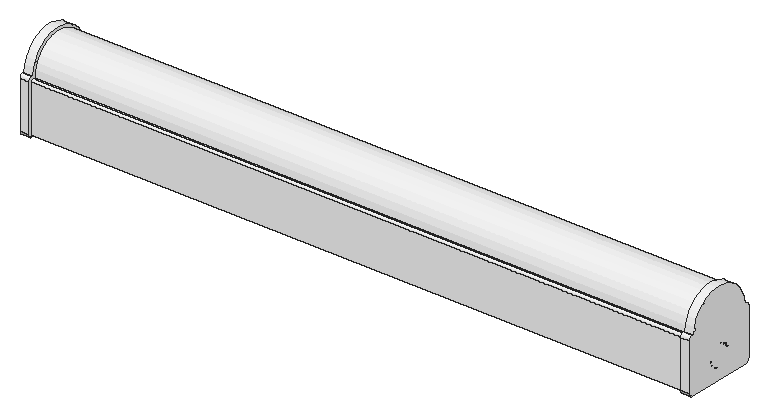
Revit family "0045176 Feilo Sylvania Lighting Fixture SYLBATTEN LED1 WW TP3", category Lighting Fixtures, host Face, Revit 2017
Family settings
  Host = Face
  Round Connector Dimension = Use Diameter
  Part Type = Normal
  OmniClass Number = 23.80.70.00
  OmniClass Title = Lighting
  Cut with Voids When Loaded = No
  Light Source = Yes
  Shared = No
  Room Calculation Point = No
Parameters (values of type "0045176 SYLBATTEN LED1 WW TP3")
  Width_FEILO = 66 mm
  Weight = "1.254 kg"
  Wattage Comments = "n/a"
  Wattage = 11 W
  WarrantyStartDate [instance] = "n/a"
  WarrantyGuarantorParts = "n/a"
  WarrantyDurationUnit = "n/a"
  WarrantyDurationParts = "n/a"
  WarrantyDescription = "n/a"
  built-in parameter 1150110 = 1 (stored number, unit not read)
  Voltage = 230 V
  URL = "http://www.sylvania-lighting.com"
  TypeName = "SYLBATTEN LED1 WW TP3"
  Type Image = <None>
  Type Comments = "n/a"
  built-in parameter 1114217 = 1 (stored number, unit not read)
  Tilt Angle = -90.00°
  built-in parameter 1150109 = 1 (stored number, unit not read)
  built-in parameter 1150134 = (empty or 0)
  SymReflector_FEILO = no
  built-in parameter 1150113 = 1 (stored number, unit not read)
  SerialNumber [instance] = "n/a"
  PowerFactor = 0
  PowerConsumption = "11 W"
  Photometric Web File = "0045176.ies"
  NominalLength = 605 mm
  NominalHeight = 76 mm
  NominalDepth = 66 mm
  Name = "SYLBATTEN LED1 WW TP3"
  ModelReference = Name  # "SYLBATTEN LED1 WW TP3"
  ModelNumber = "0045176"
  Model = Name  # "SYLBATTEN LED1 WW TP3"
  Material_4_FEILO = Reflector-Sylvania-Sylbatten-White
  Material_3_FEILO = Diffuser-Sylvania-Sylbatten-Glow
  Material_2_FEILO = Body-Sylvania-Sylbatten-White
  Material_1_FEILO = Body-Sylvania-Sylbatten-White
  Material = "sheet steel housing, polycarbonate diffuser"
  ManufacturerName = "Feilo Sylvania"
  Manufacturer = "Feilo Sylvania"
  LuminousEfficacy = "92 lm/W"
  built-in parameter 1150105 = 80.532 (stored number, unit not read)
  Lumens = 1012 lm
  LuminaireType = ""
  built-in parameter 1150115 = 1 (stored number, unit not read)
  LightOutputRatio = "100"
  built-in parameter 1150137 = (empty or 0)
  built-in parameter 1150139 = (empty or 0)
  Length_FEILO = 605 mm
  LampsType = Lamp  # "LED"
  LampNominalLuminous = "1012 lm"
  LampMacAdamStep = "n/a"
  LampColourTemperature = "3000 K"
  LampColourRenderingIndex = "80"
  built-in parameter 1150112 = 1 (stored number, unit not read)
  built-in parameter 1150114 = 1 (stored number, unit not read)
  Lamp = "LED"
  Keynote = "16500"
  InstallationDate [instance] = "n/a"
  InputVoltage = "220-240V~"
  InputNominalFrequency = "n/a"
  built-in parameter 1150132 = (empty or 0)
  built-in parameter 1150102 = (empty or 0)
  built-in parameter 1150107 = 3000 (stored number, unit not read)
  built-in parameter 1150138 = (empty or 0)
  IngressProtection = "IP20"
  ImpactProtectionIndex = "IK07"
  built-in parameter 1150106 = 0.80532 (stored number, unit not read)
  IfcExportType = "IfcLightFixtureType"
  IfcExportAs = "IfcLightFixtureType"
  Height_FEILO = 76 mm
  ExpectedLife = 50000
  Emit from Rectangle Width = Length_FEILO - 16 mm  # 589 mm
  Emit from Rectangle Length = Width_FEILO - 40 mm  # 26 mm
  Emit Shape Visible in Rendering = no
  ElectricShockClassification = "Class I"
  built-in parameter 1150104 = 8.5471 (stored number, unit not read)
  DurationUnit = "hours"
  DocumentationLiterature = "http://www.sylvania-lighting.com/product/en-int/products/0045176"
  DimmingControlOptions = "n/a"
  Dimming Lamp Color Temperature Shift = <None>
  Description = "LED batten, T8 replacement, ease of installation through 2 part push-in design of the housing (safety cable included), through wiring capability (TP3 = 3 core), sheet steel, 1012LM, 11W, 92lm/W, 3000K, drive current: 350mA, CRI 80, 138° wide beam angle, electronic driver (non dimmable), IP20, IK07, 50,000 hrs (L70), (LxWxH) 605x66x76mm, 5 step MacAdam ellipse, 1.8kg, white RAL 9016, Class 1, 220-240V, energy class: A++, A+, A."
  Default Elevation = 1219.2 mm
  CreatedOn = "1/25/2018"
  CreatedBy = ""
  Cost = 0
  Color Filter = 16777215
  built-in parameter 1114216 [instance] = (empty or 0)
  ClassificationValue = "EF_70_80"
  ClassificationName = "Uniclass2015"
  CapOffset_FEILO = 2 mm
  BarCode [instance] = "n/a"
  built-in parameter 1114218 = 1 (stored number, unit not read)
  BackReflector_FEILO = and(not(AsymReflector_FEILO), SymReflector_FEILO)  # no
  built-in parameter 1150133 = 10 (stored number, unit not read)
  FrontReflector_FEILO = or(AsymReflector_FEILO, SymReflector_FEILO)  # no
  AsymReflector_FEILO = no
  AssetType = "Fixed"
  AssetIdentifier [instance] = "n/a"
  Assembly Code = "D5020200"
  Apparent Load = 11 VA
Reference planes
  plane 1 "Center (Front/Back)": y = 0
  plane 2: z = 0
  plane 3 "Center (Left/Right)": x = 0
  plane 4: x = 302.5
  plane 5: x = -302.5
  plane 6: y = 33
  plane 7: y = -33
  plane 8: z = 76
  plane 9: z = 47
  plane 10: y = -29
  plane 11: y = 29
  plane 12: z = 20
  plane 13: z = 74
  plane 14: y = -31
  plane 15: y = -27
  plane 16: y = 27
  plane 17: y = 31
  plane 18: z = 2
  plane 19: x = -294.5
  plane 20: x = 294.5
  plane 21: z = 49
  plane 22: y = 1
  plane 23: y = -1
  plane 24: z = 21
  plane 25: z = 19
  plane 26: y = -61
  plane 27: y = 61
  plane 28: y = -56
  plane 29: y = 56
  plane 30: z = 91
  plane 31: z = 88
Forms (mm)
  Extrusion 1, solid, material "Body-Sylvania-Sylbatten-White" <- "Material_2_FEILO"
    sketch origin (0, 0, 0) x (0, 1, 0) y (0, 0, 1)
      loop
        line (-31, 2) -> (31, 2) -> (31, 45)
        arc (31, 45) -> (30.414, 46.414) -> (29, 47) r 2
        line (29, 47) -> (27, 47)
        arc (27, 47) -> (0, 74) -> (-27, 47) r 27
        line (-27, 47) -> (-29, 47)
        arc (-29, 47) -> (-30.414, 46.414) -> (-31, 45) r 2
        line (-31, 45) -> (-31, 2)
    from -294.5 to 294.5
  Extrusion 2, solid, material "Body-Sylvania-Sylbatten-White" <- "Material_2_FEILO"
    sketch origin (302.5, 1524, 1219.2) x (0, 1, 0) y (0, 0, 1)
      loop
        arc (-1494, -1219.2) -> (-1491.879, -1218.321) -> (-1491, -1216.2) r 3
        line (-1491, -1216.2) -> (-1491, -1173.2)
        arc (-1491, -1173.2) -> (-1491.879, -1171.079) -> (-1494, -1170.2) r 3
        line (-1494, -1170.2) -> (-1495.069, -1170.2)
        arc (-1495.069, -1170.2) -> (-1524, -1143.2) -> (-1552.931, -1170.2) r 29
        line (-1552.931, -1170.2) -> (-1554, -1170.2)
        arc (-1554, -1170.2) -> (-1556.121, -1171.079) -> (-1557, -1173.2) r 3
        line (-1557, -1173.2) -> (-1557, -1216.2)
        arc (-1557, -1216.2) -> (-1556.121, -1218.321) -> (-1554, -1219.2) r 3
        line (-1554, -1219.2) -> (-1494, -1219.2)
      loop
        arc (-1525, -1189.25) -> (-1531.071, -1192.129) -> (-1533.95, -1198.2) r 10
        line (-1533.95, -1198.2) -> (-1532.944, -1198.2)
        arc (-1532.944, -1198.2) -> (-1530.364, -1192.836) -> (-1525, -1190.256) r 9
        line (-1525, -1190.256) -> (-1525, -1189.25)
      loop
        arc (-1523, -1190.256) -> (-1517.636, -1192.836) -> (-1515.056, -1198.2) r 9
        line (-1515.056, -1198.2) -> (-1514.05, -1198.2)
        arc (-1514.05, -1198.2) -> (-1516.929, -1192.129) -> (-1523, -1189.25) r 10
        line (-1523, -1189.25) -> (-1523, -1190.256)
      loop
        line (-1532.944, -1200.2) -> (-1533.95, -1200.2)
        arc (-1533.95, -1200.2) -> (-1531.071, -1206.271) -> (-1525, -1209.15) r 10
        line (-1525, -1209.15) -> (-1525, -1208.144)
        arc (-1525, -1208.144) -> (-1530.364, -1205.564) -> (-1532.944, -1200.2) r 9
      loop
        arc (-1515.056, -1200.2) -> (-1517.636, -1205.564) -> (-1523, -1208.144) r 9
        line (-1523, -1208.144) -> (-1523, -1209.15)
        arc (-1523, -1209.15) -> (-1516.929, -1206.271) -> (-1514.05, -1200.2) r 10
        line (-1514.05, -1200.2) -> (-1515.056, -1200.2)
    from 0 to -8
  Extrusion 3, solid, material "Body-Sylvania-Sylbatten-White" <- "Material_2_FEILO"
    sketch origin (-302.5, 1524, 1219.2) x (0, 1, 0) y (0, 0, 1)
      loop
        arc (-1495.069, -1170.2) -> (-1524, -1143.2) -> (-1552.931, -1170.2) r 29
        line (-1552.931, -1170.2) -> (-1554, -1170.2)
        arc (-1554, -1170.2) -> (-1556.121, -1171.079) -> (-1557, -1173.2) r 3
        line (-1557, -1173.2) -> (-1557, -1216.2)
        arc (-1557, -1216.2) -> (-1556.121, -1218.321) -> (-1554, -1219.2) r 3
        line (-1554, -1219.2) -> (-1494, -1219.2)
        arc (-1494, -1219.2) -> (-1491.879, -1218.321) -> (-1491, -1216.2) r 3
        line (-1491, -1216.2) -> (-1491, -1173.2)
        arc (-1491, -1173.2) -> (-1491.879, -1171.079) -> (-1494, -1170.2) r 3
        line (-1494, -1170.2) -> (-1495.069, -1170.2)
      loop
        line (-1533.95, -1198.2) -> (-1532.944, -1198.2)
        arc (-1532.944, -1198.2) -> (-1530.364, -1192.836) -> (-1525, -1190.256) r 9
        line (-1525, -1190.256) -> (-1525, -1189.25)
        arc (-1525, -1189.25) -> (-1531.071, -1192.129) -> (-1533.95, -1198.2) r 10
      loop
        line (-1523, -1189.25) -> (-1523, -1190.256)
        arc (-1523, -1190.256) -> (-1517.636, -1192.836) -> (-1515.056, -1198.2) r 9
        line (-1515.056, -1198.2) -> (-1514.05, -1198.2)
        arc (-1514.05, -1198.2) -> (-1516.929, -1192.129) -> (-1523, -1189.25) r 10
      loop
        line (-1514.05, -1200.2) -> (-1515.056, -1200.2)
        arc (-1515.056, -1200.2) -> (-1517.636, -1205.564) -> (-1523, -1208.144) r 9
        line (-1523, -1208.144) -> (-1523, -1209.15)
        arc (-1523, -1209.15) -> (-1516.929, -1206.271) -> (-1514.05, -1200.2) r 10
      loop
        line (-1525, -1209.15) -> (-1525, -1208.144)
        arc (-1525, -1208.144) -> (-1530.364, -1205.564) -> (-1532.944, -1200.2) r 9
        line (-1532.944, -1200.2) -> (-1533.95, -1200.2)
        arc (-1533.95, -1200.2) -> (-1531.071, -1206.271) -> (-1525, -1209.15) r 10
    from 0 to 8
  Extrusion 4, solid, material "Reflector-Sylvania-Sylbatten-White" <- "Material_4_FEILO", visible <- "FrontReflector_FEILO"
    sketch origin (0, 0, 0) x (0, 1, 0) y (0, 0, 1)
      loop
        line (-61.257, 88.429) -> (-60.743, 87.571) -> (-56.621, 90.044)
        arc (-56.621, 90.044) -> (-56.237, 90.099) -> (-55.929, 89.863) r 0.5
        line (-55.929, 89.863) -> (-31.435, 46.753) -> (-30.565, 47.247) -> (-55.312, 90.802)
        arc (-55.312, 90.802) -> (-55.928, 91.275) -> (-56.696, 91.165) r 1
        line (-56.696, 91.165) -> (-61.257, 88.429)
    from -294.5 to 294.5
  Extrusion 5, solid, material "Reflector-Sylvania-Sylbatten-White" <- "Material_4_FEILO", visible <- "BackReflector_FEILO"
    sketch origin (0, 0, 0) x (0, 1, 0) y (0, 0, 1)
      loop
        line (30.565, 47.247) -> (31.435, 46.753) -> (55.932, 89.868)
        arc (55.932, 89.868) -> (56.245, 90.112) -> (56.638, 90.062) r 0.518
        line (56.638, 90.062) -> (61.033, 87.565) -> (61.527, 88.435) -> (56.682, 91.188)
        arc (56.682, 91.188) -> (55.922, 91.282) -> (55.318, 90.812) r 1
        line (55.318, 90.812) -> (30.565, 47.247)
    from -294.5 to 294.5
Lines and regions (mm)
  reference lines
    curve 1: line (0, -61, 88) -> (0, -56, 91)
    curve 2: line (0, -56, 91) -> (0, -31, 47)
    curve 3: line (0, 31, 47) -> (0, 56, 91)
    curve 4: line (0, 56, 91) -> (0, 61.28, 88)
Dimensions and locks
  equal spacing: plane 5, plane 3 "Center (Left/Right)", plane 4
  equal spacing: plane 7, plane 1 "Center (Front/Back)", plane 6
  "Width_FEILO": plane 7 to plane 6
  "Length_FEILO": plane 5 to plane 4
  "Height_FEILO": plane 8 to plane 2
  locked: plane 9 to plane 8 at 29
  equal spacing: plane 10, plane 1 "Center (Front/Back)", plane 11
  locked: plane 7 to plane 10 at 4
  locked: plane 12 to plane 2 at 20
  "CapOffset_FEILO": plane 13 to plane 8
  "CapOffset_FEILO": plane 7 to plane 14
  "CapOffset_FEILO": plane 10 to plane 15
  "CapOffset_FEILO": plane 17 to plane 6
  "CapOffset_FEILO": plane 16 to plane 11
  "CapOffset_FEILO": plane 18 to plane 2
  locked: plane 14 to Extrusion 1 sketch curve at 2
  locked: Extrusion 1 sketch curve to plane 9 at 2  (x2)
  locked: plane 16 to Extrusion 1 sketch curve at 2
  equal spacing: plane 19, plane 3 "Center (Left/Right)", plane 20
  locked: plane 5 to plane 19 at 8
  "CapOffset_FEILO": plane 9 to plane 21
  locked: Extrusion 2 sketch curve to plane 2 at 47
  locked: Extrusion 1 sketch curve to plane 2 at 47
  locked: Extrusion 2 sketch curve to plane 2 at 3  (x2)
  locked: plane 7 to Extrusion 2 sketch curve at 3  (x2)
  locked: Extrusion 2 sketch curve to plane 6 at 3  (x2)
  locked: Extrusion 2 sketch curve to plane 21 at 3  (x2)
  equal spacing: plane 23, plane 1 "Center (Front/Back)", plane 22
  equal spacing: plane 25, plane 12, plane 24
  plane 30 to plane 31 to plane 2 = 3 mm locked, 88 mm locked
  plane 28 to plane 29 = 112 mm
  plane 26 to plane 27 = 122 mm
  aligned and locked: plane 2 to host face
  aligned and locked: level to host face
  aligned and locked: plane 18 to Extrusion 1 sketch curve
  aligned and locked: plane 14 to Extrusion 1 sketch curve
  aligned and locked: Extrusion 1 sketch curve to plane 9  (x2)
  aligned and locked: Extrusion 1 sketch curve to plane 17
  aligned and locked: plane 15 to Extrusion 1 sketch curve
  aligned and locked: plane 16 to Extrusion 1 sketch curve
  aligned and locked: plane 9 to Extrusion 1 sketch curve
  aligned and locked: plane 20 to Extrusion 1
  aligned and locked: level to Extrusion 2 sketch curve
  aligned and locked: Extrusion 2 sketch curve to plane 7
  aligned and locked: plane 21 to Extrusion 2 sketch curve
  aligned and locked: Extrusion 2 sketch curve to plane 21
  aligned and locked: plane 1 "Center (Front/Back)" to Extrusion 2 sketch curve  (x3)
  aligned and locked: Extrusion 2 to Extrusion 1
  aligned and locked: plane 4 to Extrusion 2
  aligned and locked: plane 12 to Extrusion 2 sketch curve  (x2)
  aligned and locked: Extrusion 2 sketch curve to plane 22
  aligned and locked: Extrusion 2 sketch curve to plane 23
  aligned and locked: Extrusion 2 sketch curve to plane 24
  aligned and locked: Extrusion 2 sketch curve to plane 25
  aligned and locked: plane 25 to Extrusion 2 sketch curve
  aligned and locked: plane 22 to Extrusion 2 sketch curve
  aligned and locked: plane 24 to Extrusion 2 sketch curve
  aligned and locked: plane 23 to Extrusion 2 sketch curve  (x2)
  aligned and locked: Extrusion 3 sketch curve to Extrusion 2  (x22)
  aligned and locked: Extrusion 3 to Extrusion 1
  aligned and locked: Extrusion 3 to plane 5
  aligned and locked: plane 19 to Extrusion 3
  aligned and locked: plane 31 to curve 1
  aligned and locked: plane 30 to curve 1
  aligned and locked: plane 14 to curve 2
  aligned and locked: plane 9 to curve 2
  aligned and locked: plane 17 to curve 3
  aligned and locked: plane 30 to curve 3
  aligned and locked: plane 31 to curve 4
  aligned and locked: Extrusion 4 sketch curve to curve 2
  aligned and locked: Extrusion 4 sketch curve to curve 1
  aligned and locked: Extrusion 4 to Extrusion 1
  aligned and locked: Extrusion 1 to Extrusion 4
  aligned and locked: imposter light to plane 1 "Center (Front/Back)"
  aligned and locked: imposter light to plane 3 "Center (Left/Right)"
  aligned and locked: imposter light to plane 13
  aligned and locked: Extrusion 5 sketch curve to curve 4
  aligned and locked: Extrusion 5 sketch curve to curve 3
  aligned and locked: Extrusion 1 to Extrusion 5
  aligned and locked: Extrusion 5 to Extrusion 1
Automatic sketch dimensions
  host sketch curve to host sketch curve = 2438.4 mm  (x2)
  Extrusion 2 sketch curve to Extrusion 2 sketch curve = 0 mm  (x14)
  Extrusion 2 sketch curve to plane 10 = 0.069 mm
  plane 23 to Extrusion 2 sketch curve = 8.95 mm
  Extrusion 2 sketch curve to Extrusion 2 sketch curve = 1.006 mm  (x4)
  Extrusion 2 sketch curve to plane 22 = 7.944 mm
  curve 1 to plane 26 = 0 mm
  curve 2 to plane 28 = 0 mm
  curve 4 to plane 29 = 0 mm
  plane 9 to curve 3 = 0 mm
  plane 26 to Extrusion 4 sketch curve = 0.257 mm
  Extrusion 4 sketch curve to plane 26 = 0.257 mm
  Extrusion 4 sketch curve to plane 30 = 0.165 mm
  plane 28 to Extrusion 4 sketch curve = 0.696 mm
  plane 28 to Extrusion 4 sketch curve = 0.621 mm
  plane 28 to Extrusion 4 sketch curve = 0.364 mm
  plane 28 to Extrusion 4 sketch curve = 0.182 mm
  Extrusion 4 sketch curve to plane 28 = 0.071 mm
  plane 30 to Extrusion 4 sketch curve = 0.198 mm
  Extrusion 4 sketch curve to plane 28 = 0.688 mm
  plane 9 to Extrusion 4 sketch curve = 0.247 mm
  plane 1 "Center (Front/Back)" to Extrusion 4 sketch curve = 31.435 mm
  Extrusion 5 sketch curve to plane 9 = 0.247 mm
  Extrusion 5 sketch curve to plane 1 "Center (Front/Back)" = 30.565 mm
  plane 9 to Extrusion 5 sketch curve = 0.247 mm
  plane 30 to Extrusion 5 sketch curve = 0.188 mm
  plane 29 to Extrusion 5 sketch curve = 0.068 mm
  Extrusion 5 sketch curve to plane 29 = 0.188 mm
  Extrusion 5 sketch curve to plane 29 = 0.382 mm
  Extrusion 5 sketch curve to Extrusion 5 sketch curve = 0.256 mm
  Extrusion 5 sketch curve to plane 30 = 0.188 mm
  Extrusion 5 sketch curve to plane 29 = 0.682 mm
  Extrusion 5 sketch curve to plane 27 = 0.033 mm
  Extrusion 5 sketch curve to plane 27 = 0.527 mm
Connectors
  electrical at (0, 0, 0), driven by "Apparent Load", driven by "PowerFactor", driven by "Voltage"
    settings: index 1, voltage 230 V, apparent load 11 VA, apparent load phase1 0 VA, apparent load phase2 0 VA, apparent load phase3 0 VA, power factor 0, load classification "Lighting", number of poles 1, system type 30, power factor state 1, is connector primary yes, connector utility no, sub classification motor no, connector description ""
